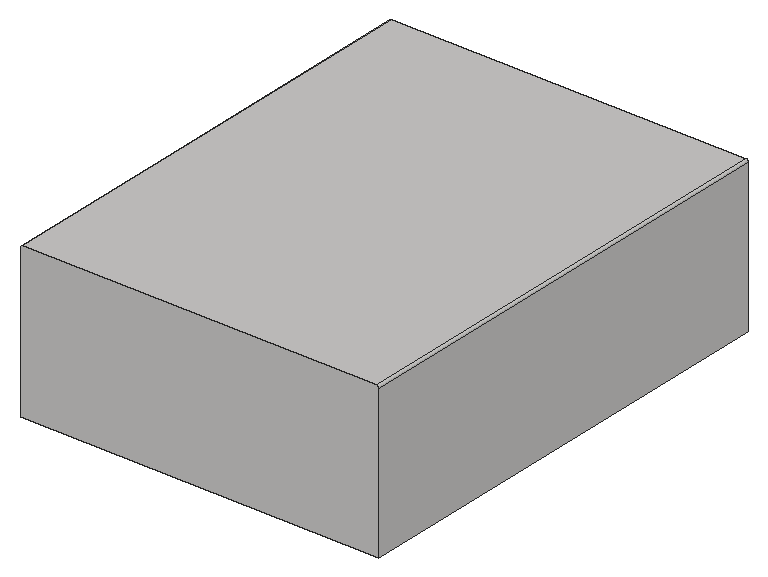
Revit family
Parameters (values of type "B-279")
  offset [instance] = 0' - 0"
  Warranty Duration (Years) = 0
  Unit Width = 1' - 2"
  Unit Height = 1' - 6"
  Unit Depth = 0' - 6"
  URL = "http://www.bobrick.com/Pages/default.aspx"
  Specification = ""
  SpecWizard = ""
  Send Message = "http://www.arcat.com/users.pl?action=UserEmail&company=Bobrick+Washroom+Equipment,+Inc.&coid=30988&rep=156&fax=818-503-1930&mf="
  Sales Information = "http://www.bobrick.com/Pages/ContactUs.aspx"
  Revision = "R1_10-2012"
  Product Properties = ""
  Product Data = "http://arcat.com/arcatcos/cos30/arc30988.html?isac=1&r=1"
  Mounting Height [instance] = 2' - 6"
  Model = "B-279"
  Manufacturer Website = "http://www.bobrick.com/Pages/default.aspx"
  Manufacturer Phone - Toll Free = ""
  Manufacturer Phone = "818-764-1000"
  Manufacturer Fax = "818-503-1930"
  Manufacturer Address = "11611 Hart St. North Hollywood, CA 91605-5882"
  Manufacturer = "Bobrick Washroom Equipment, Inc."
  Maintenance Schedule (Months) = 0
  Keynote = "102813"
  Installation-Fabrication = "http://www.bobrick.com/washroomaccessories/Pages/WashroomAccessories.aspx"
  Installation Phase = ""
  Green Building-LEED = ""
  Finish Material = Stainless Steel - Bobrick - Satin
  Expected Lifespan (Years) = 0
  Drawn By = "Sumex Design, Inc. / Robert S. Weygant, CSI, CDT, SCIP"
  Description = "Bobrick B-279 Classic Series Surface Mounted Waste Receptacle"
  Default Elevation = 4' - 0"
  Copyright = "©Arcat Inc."
  Construction Details = ""
  Capacity = "6.4 gal Waste"
  Assembly Code = "E1090900"
Reference planes (in)
  plane 1 "Center (Front/Back)": y = -19.82886
  plane 2 "Bottom": z = 0
  plane 3 "Center (Left/Right)": x = 0
  plane 4 "Front": y = -28.82886
  plane 5 "Back": y = -10.82886
  plane 6 "Left": x = -7
  plane 7 "Right": x = 7
  plane 8 "Top": z = 6
  plane 9 "FF": y = -40.82886
Forms (in)
  Extrusion 1, solid, material "Stainless Steel - Bobrick - Satin" <- "Finish Material"
    sketch origin (0, -19.82886, 0) x (1, 0, 0) y (0, 0, 1)
      loop
        line (-7, 5.90467) -> (-7, 0) -> (7, 0) -> (7, 5.90467)
        arc (7, 5.90467) -> (6.97208, 5.97208) -> (6.90467, 6) r 0.09533
        line (6.90467, 6) -> (-6.90467, 6)
        arc (-6.90467, 6) -> (-6.97208, 5.97208) -> (-7, 5.90467) r 0.09533
      loop
        line (6.9375, 0.0625) -> (6.9375, 5.9375) -> (-6.9375, 5.9375) -> (-6.9375, 0.0625) -> (6.9375, 0.0625)
    from -9 to 9
  Extrusion 2, solid, material "Stainless Steel - Bobrick - Satin" <- "Finish Material"
    sketch origin (0, -19.82886, 0) x (1, 0, 0) y (0, 0, 1)
      loop
        line (-6.9375, 0.0625) -> (6.9375, 0.0625) -> (6.9375, 5.9375) -> (-6.9375, 5.9375) -> (-6.9375, 0.0625)
    from 9 to 8.9375
  Extrusion 3, solid, material "Stainless Steel - Bobrick - Satin" <- "Finish Material"
    sketch origin (0, 0, 0) x (0, 1, 0) y (0, 0, 1)
      loop
        line (-11.64136, 0.125) -> (-12.26636, 0.125)
        spline (-12.26636, 0.125) -> (-12.35605, 0.14031) -> (-12.39932, 0.15819) -> (-12.44581, 0.18915) -> (-12.48264, 0.22496) -> (-12.50405, 0.26311) -> (-12.51363, 0.30561) -> (-12.50665, 0.34996) -> (-12.48574, 0.39579) -> (-12.45943, 0.42674) -> (-12.42005, 0.45512) -> (-12.36163, 0.48216) -> (-12.26636, 0.5)
        line (-12.26636, 0.5) -> (-12.26636, 0.5625)
        spline (-12.26636, 0.5625) -> (-12.38895, 0.53962) -> (-12.45216, 0.5109) -> (-12.50163, 0.47386) -> (-12.54119, 0.42706) -> (-12.56716, 0.37216) -> (-12.57627, 0.3125) -> (-12.56716, 0.25284) -> (-12.54119, 0.19794) -> (-12.50163, 0.15114) -> (-12.45216, 0.1141) -> (-12.38895, 0.08538) -> (-12.26636, 0.0625)
        line (-12.26636, 0.0625) -> (-11.64136, 0.0625) -> (-11.64136, 0.125)
      loop
        line (-11.64136, 5.875) -> (-11.64136, 5.9375) -> (-12.26636, 5.9375)
        spline (-12.26636, 5.9375) -> (-12.38895, 5.91462) -> (-12.45216, 5.8859) -> (-12.50163, 5.84886) -> (-12.54119, 5.80206) -> (-12.56716, 5.74716) -> (-12.57627, 5.6875) -> (-12.56716, 5.62784) -> (-12.54119, 5.57294) -> (-12.50163, 5.52614) -> (-12.45216, 5.4891) -> (-12.38895, 5.46038) -> (-12.26636, 5.4375)
        line (-12.26636, 5.4375) -> (-12.26636, 5.5)
        spline (-12.26636, 5.5) -> (-12.36163, 5.51784) -> (-12.42005, 5.54488) -> (-12.45943, 5.57326) -> (-12.48574, 5.60421) -> (-12.50665, 5.65004) -> (-12.51363, 5.69439) -> (-12.50405, 5.73689) -> (-12.48264, 5.77504) -> (-12.44581, 5.81085) -> (-12.39932, 5.84181) -> (-12.35605, 5.85969) -> (-12.26636, 5.875)
        line (-12.26636, 5.875) -> (-11.64136, 5.875)
    from 6.1875 to 6.5
  Extrusion 4, solid, material "Stainless Steel - Bobrick - Satin" <- "Finish Material"
    sketch origin (0, 0, 0) x (0, 1, 0) y (0, 0, -1)
      loop
        line (-11.64136, -0.125) -> (-11.64136, -0.0625) -> (-12.26636, -0.0625)
        spline (-12.26636, -0.0625) -> (-12.38895, -0.08538) -> (-12.45216, -0.1141) -> (-12.50163, -0.15114) -> (-12.54119, -0.19794) -> (-12.56716, -0.25284) -> (-12.57627, -0.3125) -> (-12.56716, -0.37216) -> (-12.54119, -0.42706) -> (-12.50163, -0.47386) -> (-12.45216, -0.5109) -> (-12.38895, -0.53962) -> (-12.26636, -0.5625)
        line (-12.26636, -0.5625) -> (-12.26636, -0.5)
        spline (-12.26636, -0.5) -> (-12.36163, -0.48216) -> (-12.42005, -0.45512) -> (-12.45943, -0.42674) -> (-12.48574, -0.39579) -> (-12.50665, -0.34996) -> (-12.51363, -0.30561) -> (-12.50405, -0.26311) -> (-12.48264, -0.22496) -> (-12.44581, -0.18915) -> (-12.39932, -0.15819) -> (-12.35605, -0.14031) -> (-12.26636, -0.125)
        line (-12.26636, -0.125) -> (-11.64136, -0.125)
      loop
        line (-11.64136, -5.875) -> (-12.26636, -5.875)
        spline (-12.26636, -5.875) -> (-12.35605, -5.85969) -> (-12.39932, -5.84181) -> (-12.44581, -5.81085) -> (-12.48264, -5.77504) -> (-12.50405, -5.73689) -> (-12.51363, -5.69439) -> (-12.50665, -5.65004) -> (-12.48574, -5.60421) -> (-12.45943, -5.57326) -> (-12.42005, -5.54488) -> (-12.36163, -5.51784) -> (-12.26636, -5.5)
        line (-12.26636, -5.5) -> (-12.26636, -5.4375)
        spline (-12.26636, -5.4375) -> (-12.38895, -5.46038) -> (-12.45216, -5.4891) -> (-12.50163, -5.52614) -> (-12.54119, -5.57294) -> (-12.56716, -5.62784) -> (-12.57627, -5.6875) -> (-12.56716, -5.74716) -> (-12.54119, -5.80206) -> (-12.50163, -5.84886) -> (-12.45216, -5.8859) -> (-12.38895, -5.91462) -> (-12.26636, -5.9375)
        line (-12.26636, -5.9375) -> (-11.64136, -5.9375) -> (-11.64136, -5.875)
    from 6.1875 to 6.5
Cuts and joins
  joined: Extrusion 1, Extrusion 2
Dimensions and locks (in)
  equal spacing: plane 6 "Left", plane 3 "Center (Left/Right)", plane 7 "Right"
  "Unit Width": plane 6 "Left" to plane 7 "Right"
  equal spacing: plane 5 "Back", plane 1 "Center (Front/Back)", plane 4 "Front"
  "Unit Height": plane 5 "Back" to plane 4 "Front"
  "Unit Depth": plane 8 "Top" to level
  "Mounting Height": plane 5 "Back" to plane 9 "FF"
Automatic sketch dimensions
  Extrusion 1 sketch curve to level = 0' - 0"
  Extrusion 1 sketch curve to plane 8 "Top" = 0' - 0"
  plane 6 "Left" to Extrusion 1 sketch curve = 0' - 0"
  plane 6 "Left" to Extrusion 1 sketch curve = 0' - 0 1/16"
  Extrusion 1 sketch curve to Extrusion 1 sketch curve = 0' - 0.03283"  (x2)
  Extrusion 1 sketch curve to plane 7 "Right" = 0' - 0.09533"
  Extrusion 1 sketch curve to plane 7 "Right" = 0' - 0 1/16"
  Extrusion 1 sketch curve to plane 7 "Right" = 0' - 0"
  level to Extrusion 1 sketch curve = 0' - 0 1/16"
  plane 6 "Left" to Extrusion 2 sketch curve = 0' - 0 1/16"
  Extrusion 2 sketch curve to plane 7 "Right" = 0' - 0 1/16"
  level to Extrusion 2 sketch curve = 0' - 0 1/16"
  Extrusion 2 sketch curve to plane 8 "Top" = 0' - 0 1/16"
  Extrusion 3 sketch curve to plane 8 "Top" = 0' - 0 1/16"
  Extrusion 3 sketch curve to plane 5 "Back" = 0' - 1 7/16"  (x2)
  level to Extrusion 3 sketch curve = 0' - 0 1/8"
  Extrusion 3 sketch curve to Extrusion 3 sketch curve = 0' - 0"  (x4)
  Extrusion 3 sketch curve to plane 8 "Top" = 0' - 0 1/8"
  Extrusion 3 sketch curve to Extrusion 3 sketch curve = 0' - 0 5/8"  (x2)
  level to Extrusion 3 sketch curve = 0' - 0 1/16"
  Extrusion 3 sketch curve to Extrusion 3 sketch curve = 0' - 0 3/8"
  Extrusion 3 sketch curve to Extrusion 3 sketch curve = 0' - 0 1/16"  (x2)
  Extrusion 3 sketch curve to Extrusion 3 sketch curve = 0' - 0 7/16"
  Extrusion 4 sketch curve to plane 8 "Top" = 0' - 0 1/16"
  Extrusion 4 sketch curve to plane 5 "Back" = 0' - 1 7/16"  (x2)
  level to Extrusion 4 sketch curve = 0' - 0 1/8"
  Extrusion 4 sketch curve to Extrusion 4 sketch curve = 0' - 0"  (x4)
  Extrusion 4 sketch curve to plane 8 "Top" = 0' - 0 1/8"
  Extrusion 4 sketch curve to Extrusion 4 sketch curve = 0' - 0 5/8"  (x2)
  level to Extrusion 4 sketch curve = 0' - 0 1/16"
  Extrusion 4 sketch curve to Extrusion 4 sketch curve = 0' - 0 3/8"
  Extrusion 4 sketch curve to Extrusion 4 sketch curve = 0' - 0 1/16"  (x2)
  Extrusion 4 sketch curve to Extrusion 4 sketch curve = 0' - 0 7/16"
